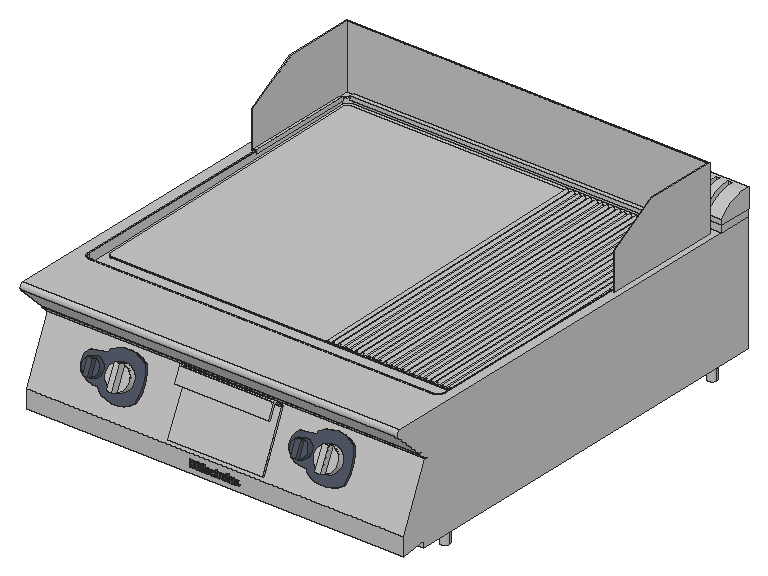
Revit family "QF_ELECTROLUXPROFESSIONAL_391055_E9FTGHCP00", category Specialty Equipment, Revit 2018
Family settings
  Round Connector Dimension = Use Diameter
  Part Type = Normal
  Work Plane-Based = No
  Always vertical = Yes
  Cut with Voids When Loaded = No
  Shared = No
  Room Calculation Point = No
Parameters
  Width = 800 mm
  Weight in Pounds = 105  # constant formula
  Watts = 0 W
  URL Cutsheet = "www.electrolux.com"
  URL = "www.electrolux.com"
  Type Mark [instance] = ""
  Status [instance] = ""
  Specification by User [instance] = ""
  Specification by Manufacturer = ""
  Show Logo [instance] = yes
  Show Clearance [instance] = yes
  Serial Number = ""
  Seismic Rating = ""
  SMACNA No = ""
  Revision Code [instance] = ""
  Omniclass Number and Title = ""
  NAFEM Spec ID Number = ""
  Model = "391055"
  Mechanical Remarks [instance] = ""
  Mechanical Connection Type [instance] = ""
  Masterspec = ""
  Manufacturer = "ELECTROLUX"
  Item Number [instance] = ""
  Installed By [instance] = ""
  Identify Quantity as Lot [instance] = yes
  HP = "0 HP"
  Gas Size = 12.7 mm  # 1/2"
  Gas RI Height [instance] = 0 mm
  Gas KW [instance] = 20  # constant formula
  Gas Input [instance] = 19981.6 VA  # 68180.0 Btu/h
  Gas Connection Height = 0 mm
  Furnished By [instance] = ""
  Foodservice Equipment Identifier [instance] = yes
  Direct Waste Size = 0"
  Description = "900XP FULL MODULE GAS FRY TOP, 2/3 SMOOTH - 1/3 RIBBED SLOPED PLATE, CHROMIUM PLATED"
  Depth = 930 mm
  CSI MasterFormat = ""
  CSI Master Format = ""
Reference planes
  plane 1 "BACK": y = 0
  plane 2: z = 0
  plane 3 "LEFT": x = 0
  plane 4 "RIGHT": x = 800
  plane 5 "FRONT": y = -930
  plane 6 "TOP": z = 275
  plane 7 "Center Y": x = 400
  plane 8 "Center X": y = -465
  plane 9: y = -1045
  plane 10: z = 24
  plane 11: z = 290
  plane 12: x = 748
  plane 13: z = 410
  plane 14: x = 11
  plane 15: x = 788.888
Forms (mm)
  Extrusion 1, solid, material "QF_Finishes_Stainless Steel"
    sketch origin (0, 0, 0) x (0, 1, 0) y (0, 0, 1)
      loop
        line (0, 275) -> (-922.686, 275)
        arc (-922.686, 275) -> (-929.443, 270.485) -> (-927.858, 262.514) r 7.314
        line (-927.858, 262.514) -> (-873.907, 208.563) -> (-865.773, 208.563) -> (-865.773, 206.447) -> (-871.79, 206.447) -> (-858.907, 193.563) -> (-850.773, 193.563) -> (-850.773, 191.447) -> (-856.79, 191.447) -> (-913.146, 69.003) -> (-913.146, 30.903) -> (-859.774, 36.513) -> (-859.774, 24) -> (0, 24) -> (0, 275)
    from 0 to 800
  Extrusion 2, solid, material "QF_Finishes_Stainless Steel"
    sketch origin (0, 0, 0) x (1, 0, 0) y (0, 1, 0)
      loop
        circle (11, -82) r 9.525
      loop
        circle (11, -790) r 9.525
      loop
        circle (789, -82) r 9.525
      loop
        circle (789, -790) r 9.525
    from 0 to 24
  Extrusion 3, solid, material "QF_Finishes_Stainless Steel"
    sketch origin (0, 0, 0.362) x (0, 1, 0) y (0, 0, 1)
      loop
        line (0, 289.638) -> (0, 331.738)
        arc (0, 331.738) -> (-38.857, 324.552) -> (-69.85, 300.038) r 82.056
        line (-69.85, 300.038) -> (-69.85, 289.638) -> (0, 289.638)
    from 0 to 400.05
  Extrusion 4, void
    sketch origin (0, 0, 275) x (0, -1, 0) y (1, 0, 0)
      loop
        line (6.761, 29.703) -> (63.911, 29.703) -> (63.911, 38.999) -> (6.761, 38.999) -> (6.761, 29.703)
      loop
        line (63.911, 64.487) -> (6.761, 64.487) -> (6.761, 55.191) -> (63.911, 55.191) -> (63.911, 64.487)
      loop
        line (63.911, 89.975) -> (6.761, 89.975) -> (6.761, 80.68) -> (63.911, 80.68) -> (63.911, 89.975)
      loop
        line (63.911, 115.464) -> (6.761, 115.464) -> (6.761, 106.168) -> (63.911, 106.168) -> (63.911, 115.464)
      loop
        line (63.911, 140.952) -> (6.761, 140.952) -> (6.761, 131.656) -> (63.911, 131.656) -> (63.911, 140.952)
      loop
        line (63.911, 166.44) -> (6.761, 166.44) -> (6.761, 157.145) -> (63.911, 157.145) -> (63.911, 166.44)
      loop
        line (63.911, 191.929) -> (6.761, 191.929) -> (6.761, 182.633) -> (63.911, 182.633) -> (63.911, 191.929)
      loop
        line (63.911, 217.417) -> (6.761, 217.417) -> (6.761, 208.121) -> (63.911, 208.121) -> (63.911, 217.417)
      loop
        line (63.911, 242.905) -> (6.761, 242.905) -> (6.761, 233.61) -> (63.911, 233.61) -> (63.911, 242.905)
      loop
        line (63.911, 268.394) -> (6.761, 268.394) -> (6.761, 259.098) -> (63.911, 259.098) -> (63.911, 268.394)
      loop
        line (63.911, 293.882) -> (6.761, 293.882) -> (6.761, 284.586) -> (63.911, 284.586) -> (63.911, 293.882)
      loop
        line (63.911, 319.37) -> (6.761, 319.37) -> (6.761, 310.075) -> (63.911, 310.075) -> (63.911, 319.37)
      loop
        line (63.911, 344.859) -> (6.761, 344.859) -> (6.761, 335.563) -> (63.911, 335.563) -> (63.911, 344.859)
      loop
        line (63.911, 370.347) -> (6.761, 370.347) -> (6.761, 361.051) -> (63.911, 361.051) -> (63.911, 370.347)
    from 25.4 to 63.5
  Extrusion 5, solid, material "QF_Finishes_Stainless Steel"
    sketch origin (400.05, 0, 0.362) x (0, 1, 0) y (0, 0, 1)
      loop
        line (0, 289.638) -> (0, 331.738)
        arc (0, 331.738) -> (-38.857, 324.552) -> (-69.85, 300.038) r 82.056
        line (-69.85, 300.038) -> (-69.85, 289.638) -> (0, 289.638)
    from 0 to 400.05
  Extrusion 6, void
    sketch origin (400.05, 0, 275) x (0, -1, 0) y (1, 0, 0)
      loop
        line (6.761, 29.703) -> (63.911, 29.703) -> (63.911, 38.999) -> (6.761, 38.999) -> (6.761, 29.703)
      loop
        line (63.911, 64.487) -> (6.761, 64.487) -> (6.761, 55.191) -> (63.911, 55.191) -> (63.911, 64.487)
      loop
        line (63.911, 89.975) -> (6.761, 89.975) -> (6.761, 80.68) -> (63.911, 80.68) -> (63.911, 89.975)
      loop
        line (63.911, 115.464) -> (6.761, 115.464) -> (6.761, 106.168) -> (63.911, 106.168) -> (63.911, 115.464)
      loop
        line (63.911, 140.952) -> (6.761, 140.952) -> (6.761, 131.656) -> (63.911, 131.656) -> (63.911, 140.952)
      loop
        line (63.911, 166.44) -> (6.761, 166.44) -> (6.761, 157.145) -> (63.911, 157.145) -> (63.911, 166.44)
      loop
        line (63.911, 191.929) -> (6.761, 191.929) -> (6.761, 182.633) -> (63.911, 182.633) -> (63.911, 191.929)
      loop
        line (63.911, 217.417) -> (6.761, 217.417) -> (6.761, 208.121) -> (63.911, 208.121) -> (63.911, 217.417)
      loop
        line (63.911, 242.905) -> (6.761, 242.905) -> (6.761, 233.61) -> (63.911, 233.61) -> (63.911, 242.905)
      loop
        line (63.911, 268.394) -> (6.761, 268.394) -> (6.761, 259.098) -> (63.911, 259.098) -> (63.911, 268.394)
      loop
        line (63.911, 293.882) -> (6.761, 293.882) -> (6.761, 284.586) -> (63.911, 284.586) -> (63.911, 293.882)
      loop
        line (63.911, 319.37) -> (6.761, 319.37) -> (6.761, 310.075) -> (63.911, 310.075) -> (63.911, 319.37)
      loop
        line (63.911, 344.859) -> (6.761, 344.859) -> (6.761, 335.563) -> (63.911, 335.563) -> (63.911, 344.859)
      loop
        line (63.911, 370.347) -> (6.761, 370.347) -> (6.761, 361.051) -> (63.911, 361.051) -> (63.911, 370.347)
    from 25.4 to 63.5
  Extrusion 7, solid, material "QF_Finishes_Stainless Steel"
    sketch origin (0, 0, 275) x (0, -1, 0) y (1, 0, 0)
      loop
        line (69.85, 0) -> (69.85, 800) -> (0, 800) -> (0, 0) -> (69.85, 0)
    from 0 to 15
  Extrusion 8, solid, material "QF_Finishes_Stainless Steel"
    sketch origin (400.05, -23.977, 1219.2) x (0, 1, 0) y (0, 0, 1)
      loop
        line (-834.228, -1030.828) -> (-850.635, -1014.422)
        arc (-850.635, -1014.422) -> (-855.102, -1013.019) -> (-858.806, -1015.884) r 5.058
        line (-858.806, -1015.884) -> (-871.468, -1043.394) -> (-868.584, -1044.721) -> (-855.922, -1017.211)
        arc (-855.922, -1017.211) -> (-854.543, -1016.145) -> (-852.88, -1016.667) r 1.883
        line (-852.88, -1016.667) -> (-838.037, -1031.51) -> (-888.871, -1141.955) -> (-885.987, -1143.282) -> (-834.228, -1030.828)
    from 100 to -100
  Extrusion 9, solid, material "QF_Door-Drawer Clearances", visible <- "Show Clearance", detail levels coarse
    sketch origin (293.7, -300.974, 0) x (0, 1, 0) y (0, 0, 1)
      loop
        line (-723.739, 174.479) -> (-711.077, 201.989)
        arc (-711.077, 201.989) -> (-709.698, 203.055) -> (-708.035, 202.533) r 1.883
        line (-708.035, 202.533) -> (-693.192, 187.69) -> (-744.026, 77.245) -> (-741.142, 75.918) -> (-608.989, 75.918) -> (-557.231, 188.372) -> (-573.638, 204.778)
        arc (-573.638, 204.778) -> (-574.873, 205.685) -> (-576.323, 206.181) r 5.058
        line (-576.323, 206.181) -> (-710.257, 206.181)
        arc (-710.257, 206.181) -> (-712.461, 205.203) -> (-713.961, 203.316) r 5.058
        line (-713.961, 203.316) -> (-726.623, 175.806) -> (-723.739, 174.479)
    from 6.35 to 206.35
  Extrusion 10, solid, material "QF_Finishes_Stainless Steel"
    sketch origin (0, 0, 0) x (0, 1, 0) y (0, 0, 1)
      loop
        line (-83.39, 410) -> (-235.39, 410) -> (-335.39, 352.265) -> (-335.39, 275) -> (-83.39, 275) -> (-83.39, 410)
    from 15.442 to 17.03
  Extrusion 11, solid, material "QF_Finishes_Stainless Steel"
    sketch origin (800, 0, 0) x (0, -1, 0) y (0, 0, 1)
      loop
        line (83.39, 410) -> (83.39, 275) -> (335.39, 275) -> (335.39, 352.265) -> (235.39, 410) -> (83.39, 410)
    from 15.442 to 17.03
  Extrusion 12, solid, material "QF_Finishes_Stainless Steel"
    sketch origin (635, 190.152, 275) x (0, -1, 0) y (1, 0, 0)
      loop
        line (273.542, 147.97) -> (273.542, -617.97) -> (275.13, -617.97) -> (275.13, 147.97) -> (273.542, 147.97)
    from 0 to 135
  Extrusion 13, void
    sketch origin (0, 0, 275) x (0, -1, 0) y (1, 0, 0)
      loop
        arc (92.539, 37.03) -> (96.932, 26.423) -> (107.539, 22.03) r 15
        line (107.539, 22.03) -> (777.539, 22.03)
        arc (777.539, 22.03) -> (788.145, 26.423) -> (792.539, 37.03) r 15
        line (792.539, 37.03) -> (792.539, 762.97)
        arc (792.539, 762.97) -> (788.145, 773.577) -> (777.539, 777.97) r 15
        line (777.539, 777.97) -> (107.539, 777.97)
        arc (107.539, 777.97) -> (96.932, 773.577) -> (92.539, 762.97) r 15
        line (92.539, 762.97) -> (92.539, 37.03)
    from 0 to -21.588
  Sweep 14, solid, material "QF_Finishes_Stainless Steel"
    path origin (0, 0, 0) x (1, 0, 0) y (0, 1, 0)
      loop
        line (22.03, -107.539) -> (22.03, -777.539)
        arc (22.03, -777.539) -> (26.423, -788.145) -> (37.03, -792.539) r 15
        line (37.03, -792.539) -> (762.97, -792.539)
        arc (762.97, -792.539) -> (773.577, -788.145) -> (777.97, -777.539) r 15
        line (777.97, -777.539) -> (777.97, -107.539)
        arc (777.97, -107.539) -> (773.577, -96.932) -> (762.97, -92.539) r 15
        line (762.97, -92.539) -> (37.03, -92.539)
        arc (37.03, -92.539) -> (26.423, -96.932) -> (22.03, -107.539) r 15
    profile origin (22.03, -442.539, 0) x (1, 0, 0) y (0, 0, 1)
      loop
        line (0, 255) -> (1.588, 255) -> (1.588, 272.855)
        arc (1.588, 272.855) -> (1.147, 274.189) -> (0, 275) r 2.242
        line (0, 275) -> (0, 255)
  Extrusion 15, solid, material "QF_Finishes_Stainless Steel"
    sketch origin (1234.536, -1877.601, 240.53) x (0, 0.999911, 0.013315) y (-1, 0, 0)
      loop
        line (1137.444, 1192.506) -> (1137.444, 476.566)
        spline (1137.444, 476.566) -> (1137.529, 475.26) -> (1137.784, 473.977) -> (1138.205, 472.739) -> (1138.783, 471.566) -> (1139.51, 470.478) -> (1140.372, 469.494) -> (1141.356, 468.632) -> (1142.443, 467.905) -> (1143.616, 467.327) -> (1144.855, 466.906) -> (1146.138, 466.651) -> (1147.443, 466.566)
        line (1147.443, 466.566) -> (1761.703, 466.566)
        spline (1761.703, 466.566) -> (1763.009, 466.651) -> (1764.291, 466.906) -> (1765.53, 467.327) -> (1766.703, 467.905) -> (1767.79, 468.632) -> (1768.774, 469.494) -> (1769.636, 470.478) -> (1770.363, 471.566) -> (1770.941, 472.739) -> (1771.362, 473.977) -> (1771.617, 475.26) -> (1771.702, 476.566)
        line (1771.702, 476.566) -> (1771.702, 1192.506)
        spline (1771.702, 1192.506) -> (1771.617, 1193.812) -> (1771.362, 1195.095) -> (1770.941, 1196.333) -> (1770.363, 1197.506) -> (1769.636, 1198.594) -> (1768.774, 1199.578) -> (1767.79, 1200.44) -> (1766.703, 1201.167) -> (1765.53, 1201.745) -> (1764.291, 1202.166) -> (1763.009, 1202.421) -> (1761.703, 1202.506)
        line (1761.703, 1202.506) -> (1147.443, 1202.506)
        spline (1147.443, 1202.506) -> (1146.138, 1202.421) -> (1144.855, 1202.166) -> (1143.616, 1201.745) -> (1142.443, 1201.167) -> (1141.356, 1200.44) -> (1140.372, 1199.578) -> (1139.51, 1198.594) -> (1138.783, 1197.506) -> (1138.205, 1196.333) -> (1137.784, 1195.095) -> (1137.529, 1193.812) -> (1137.444, 1192.506)
    from 1.6 to 0
  Extrusion 16, solid, material "QF_Finishes_Stainless Steel"
    sketch origin (0, 0, 0) x (1, 0, 0) y (0, 0, 1)
      loop
        line (17.03, 275.856) -> (23.926, 275.856) -> (23.926, 270.856) -> (25.514, 270.856) -> (25.514, 277.444) -> (17.03, 277.444) -> (17.03, 275.856)
      loop
        line (782.97, 275.856) -> (782.97, 277.444) -> (774.486, 277.444) -> (774.486, 270.856) -> (776.074, 270.856) -> (776.074, 275.856) -> (782.97, 275.856)
    from 105.541 to 335.39
  Extrusion 17, solid, material "QF_Finishes_Stainless Steel"
    sketch origin (0, 0, 0) x (0, 1, 0) y (0, 0, 1)
      loop
        line (-94.126, 270.856) -> (-94.126, 275.856) -> (-84.978, 275.856) -> (-84.978, 277.444) -> (-95.714, 277.444) -> (-95.714, 270.856) -> (-94.126, 270.856)
    from 32.03 to 767.97
  Extrusion 18, solid, material "QF_Finishes_Stainless Steel"
    sketch origin (0, -101.6, 24) x (-1, 0, 0) y (0, 1, 0)
      loop
        circle (-748, -562.4) r 6.35
    from 0 to 17
  Extrusion 19, solid, material "QF_Finishes_Navy Blue", visible <- "Show Logo"
    sketch origin (0, -913.146, 30.903) x (0, 0, 1) y (-1, 0, 0)
      loop
        line (25.436, -355.199) -> (13.07, -355.199)
        arc (13.07, -355.199) -> (19.253, -359.77) -> (25.436, -355.199) r 6.467
      loop
        arc (25.436, -354.57) -> (24.267, -349.427) -> (19.612, -346.949) r 6.338
        line (19.612, -346.949) -> (19.612, -348.995)
        arc (19.612, -348.995) -> (21.095, -352.65) -> (24.541, -354.57) r 5.941
        line (24.541, -354.57) -> (25.436, -354.57)
      loop
        arc (13.965, -354.57) -> (17.411, -352.65) -> (18.895, -348.995) r 5.941
        line (18.895, -348.995) -> (18.895, -346.949)
        arc (18.895, -346.949) -> (14.2, -349.423) -> (12.911, -354.57) r 6.504
        line (12.911, -354.57) -> (13.965, -354.57)
      loop
        line (26.111, -346.48) -> (12.367, -346.48) -> (12.367, -360.243) -> (26.111, -360.243) -> (26.111, -346.48)
      loop
        arc (26.195, -363.21) -> (25.847, -362.853) -> (25.48, -363.191) r 0.358
        arc (25.48, -363.191) -> (25.166, -363.941) -> (24.449, -364.326) r 1.216
        line (24.449, -364.326) -> (14.037, -364.326)
        arc (14.037, -364.326) -> (13.377, -364.048) -> (12.981, -363.452) r 1.238
        arc (12.981, -363.452) -> (12.586, -363.201) -> (12.28, -363.555) r 0.358
        line (12.28, -363.555) -> (12.28, -373.434) -> (15.031, -373.434) -> (15.031, -372.537)
        arc (15.031, -372.537) -> (14.122, -371.957) -> (13.667, -370.98) r 1.928
        line (13.667, -370.98) -> (13.667, -368.481)
        arc (13.667, -368.481) -> (13.942, -367.752) -> (14.631, -367.388) r 1.101
        line (14.631, -367.388) -> (18.717, -367.388) -> (18.717, -371.061)
        arc (18.717, -371.061) -> (18.365, -371.558) -> (17.799, -371.786) r 1.083
        arc (17.799, -371.786) -> (17.536, -372.092) -> (17.828, -372.37) r 0.292
        line (17.828, -372.37) -> (20.79, -372.37)
        arc (20.79, -372.37) -> (21.093, -372.097) -> (20.854, -371.767) r 0.305
        arc (20.854, -371.767) -> (20.364, -371.519) -> (20.059, -371.061) r 1.083
        line (20.059, -371.061) -> (20.059, -367.388) -> (24.736, -367.388) -> (24.736, -371.135)
        arc (24.736, -371.135) -> (24.522, -371.891) -> (23.915, -372.389) r 1.314
        arc (23.915, -372.389) -> (23.696, -372.793) -> (24.051, -373.085) r 0.361
        line (24.051, -373.085) -> (26.195, -373.085) -> (26.195, -363.21)
      loop
        arc (25.478, -373.866) -> (25.097, -374.785) -> (24.179, -375.165) r 1.299
        line (24.179, -375.165) -> (14.6, -375.165)
        arc (14.6, -375.165) -> (13.762, -374.787) -> (13.49, -373.909) r 1.118
        line (13.49, -373.909) -> (12.28, -373.909) -> (12.28, -379.259) -> (13.469, -379.259)
        arc (13.469, -379.259) -> (13.74, -378.342) -> (14.61, -377.946) r 1.153
        line (14.61, -377.946) -> (26.683, -377.946) -> (25.478, -373.866)
      loop
        line (17.245, -381.895) -> (17.245, -388.342) -> (18.044, -388.342)
        arc (18.044, -388.342) -> (20.625, -387.358) -> (21.893, -384.904) r 3.874
        line (21.893, -384.904) -> (21.893, -383.144)
        arc (21.893, -383.144) -> (20.707, -380.279) -> (17.842, -379.093) r 4.051
        line (17.842, -379.093) -> (15.834, -379.093)
        arc (15.834, -379.093) -> (13.016, -380.578) -> (11.964, -383.585) r 4.352
        arc (11.964, -383.585) -> (12.328, -386.048) -> (13.706, -388.122) r 5.713
        line (13.706, -388.122) -> (14.655, -388.122)
        arc (14.655, -388.122) -> (13.922, -386.553) -> (13.706, -384.835) r 5.579
        arc (13.706, -384.835) -> (14.5, -382.872) -> (16.379, -381.895) r 3.057
        line (16.379, -381.895) -> (17.245, -381.895)
      loop
        line (18.504, -381.895) -> (18.504, -385.477)
        arc (18.504, -385.477) -> (19.961, -385.524) -> (20.844, -384.365) r 1.59
        line (20.844, -384.365) -> (20.844, -383.535)
        arc (20.844, -383.535) -> (19.98, -382.28) -> (18.504, -381.895) r 2.184
      loop
        arc (21.295, -397.76) -> (21.784, -396.086) -> (21.942, -394.349) r 9.023
        line (21.942, -394.349) -> (21.942, -392.987)
        arc (21.942, -392.987) -> (20.782, -390.187) -> (17.983, -389.027) r 3.959
        line (17.983, -389.027) -> (15.382, -389.027)
        arc (15.382, -389.027) -> (13.101, -390.32) -> (11.983, -392.693) r 4.331
        line (11.983, -392.693) -> (11.983, -394.828)
        arc (11.983, -394.828) -> (12.492, -396.378) -> (13.413, -397.724) r 5.772
        arc (13.413, -397.724) -> (14.175, -397.775) -> (14.261, -397.016) r 0.553
        arc (14.261, -397.016) -> (13.874, -396.282) -> (13.74, -395.463) r 2.573
        line (13.74, -395.463) -> (13.74, -393.948)
        arc (13.74, -393.948) -> (14.746, -392.306) -> (16.56, -391.664) r 2.884
        line (16.56, -391.664) -> (17.839, -391.664)
        arc (17.839, -391.664) -> (19.66, -392.224) -> (20.587, -393.889) r 2.554
        line (20.587, -393.889) -> (20.587, -394.942)
        arc (20.587, -394.942) -> (20.255, -395.87) -> (19.598, -396.605) r 2.564
        arc (19.598, -396.605) -> (19.377, -397.322) -> (19.986, -397.76) r 0.643
        line (19.986, -397.76) -> (21.295, -397.76)
      loop
        line (20.277, -398.03) -> (20.277, -399.531) -> (14.229, -399.531)
        arc (14.229, -399.531) -> (12.641, -400.189) -> (11.983, -401.777) r 2.246
        line (11.983, -401.777) -> (11.983, -403.361)
        arc (11.983, -403.361) -> (12.297, -404.225) -> (12.798, -404.997) r 4.06
        arc (12.798, -404.997) -> (13.53, -405.13) -> (13.782, -404.429) r 0.576
        arc (13.782, -404.429) -> (13.676, -403.903) -> (13.74, -403.371) r 1.69
        arc (13.74, -403.371) -> (14.281, -402.583) -> (15.188, -402.28) r 1.506
        line (15.188, -402.28) -> (20.326, -402.28) -> (20.326, -404.677) -> (20.882, -405.233) -> (21.704, -405.233) -> (21.704, -402.374) -> (24.935, -402.374) -> (20.277, -398.03)
      loop
        line (12.201, -406.131) -> (12.201, -411.518) -> (13.311, -411.518)
        arc (13.311, -411.518) -> (13.705, -410.567) -> (14.656, -410.173) r 1.345
        line (14.656, -410.173) -> (18.272, -410.173)
        arc (18.272, -410.173) -> (19.037, -410.765) -> (19.326, -411.687) r 1.615
        line (19.326, -411.687) -> (19.326, -413.243) -> (21.882, -413.928) -> (21.882, -412.545) -> (19.939, -409.986) -> (21.82, -409.986) -> (21.535, -407.28)
        arc (21.535, -407.28) -> (21.096, -406.75) -> (20.437, -406.951) r 0.621
        arc (20.437, -406.951) -> (20.036, -407.293) -> (19.542, -407.476) r 1.501
        line (19.542, -407.476) -> (14.656, -407.476)
        arc (14.656, -407.476) -> (13.705, -407.082) -> (13.311, -406.131) r 1.345
        line (13.311, -406.131) -> (12.201, -406.131)
      loop
        line (18.303, -413.465) -> (15.61, -413.465)
        arc (15.61, -413.465) -> (13.165, -414.773) -> (12.031, -417.303) r 4.288
        arc (12.031, -417.303) -> (11.968, -418.684) -> (12.031, -420.064) r 15.022
        arc (12.031, -420.064) -> (13.165, -422.595) -> (15.61, -423.902) r 4.288
        line (15.61, -423.902) -> (18.303, -423.902)
        arc (18.303, -423.902) -> (20.748, -422.595) -> (21.882, -420.064) r 4.288
        arc (21.882, -420.064) -> (21.946, -418.684) -> (21.882, -417.303) r 15.022
        arc (21.882, -417.303) -> (20.748, -414.773) -> (18.303, -413.465) r 4.288
      loop
        line (18.507, -416.579) -> (15.406, -416.579)
        arc (15.406, -416.579) -> (13.249, -418.736) -> (15.406, -420.893) r 2.157
        line (15.406, -420.893) -> (18.507, -420.893)
        arc (18.507, -420.893) -> (20.664, -418.736) -> (18.507, -416.579) r 2.157
      loop
        arc (25.488, -423.76) -> (25.118, -424.654) -> (24.224, -425.025) r 1.264
        line (24.224, -425.025) -> (14.359, -425.025)
        arc (14.359, -425.025) -> (13.489, -424.628) -> (13.218, -423.712) r 1.153
        line (13.218, -423.712) -> (12.28, -423.712) -> (12.28, -428.82) -> (13.209, -428.82)
        arc (13.209, -428.82) -> (13.568, -428.048) -> (14.359, -427.733) r 1.153
        line (14.359, -427.733) -> (26.683, -427.733) -> (25.488, -423.76)
      loop
        arc (20.608, -428.357) -> (20.409, -429.422) -> (19.44, -429.904) r 1.215
        line (19.44, -429.904) -> (14.42, -429.904)
        arc (14.42, -429.904) -> (12.806, -430.551) -> (12.085, -432.134) r 2.338
        line (12.085, -432.134) -> (12.085, -433.649)
        arc (12.085, -433.649) -> (12.259, -434.653) -> (12.762, -435.539) r 2.979
        line (12.762, -435.539) -> (12.28, -437.336) -> (12.28, -439.024) -> (21.706, -439.024) -> (21.412, -434.821) -> (20.625, -434.821)
        arc (20.625, -434.821) -> (20.27, -435.657) -> (19.517, -436.166) r 1.605
        line (19.517, -436.166) -> (14.415, -436.166)
        arc (14.415, -436.166) -> (13.994, -435.229) -> (13.922, -434.205) r 2.94
        arc (13.922, -434.205) -> (14.482, -433.104) -> (15.636, -432.661) r 1.724
        line (15.636, -432.661) -> (21.832, -432.661) -> (20.608, -428.357)
      loop
        line (21.637, -439.878) -> (19.964, -441.924) -> (16.791, -444.23) -> (13.334, -441.118)
        arc (13.334, -441.118) -> (13.097, -440.724) -> (13.119, -440.265) r 0.789
        line (13.119, -440.265) -> (12.28, -440.265) -> (12.28, -443.81) -> (13.107, -443.81)
        arc (13.107, -443.81) -> (13.449, -443.448) -> (13.939, -443.54) r 0.52
        line (13.939, -443.54) -> (15.739, -445.011) -> (13.62, -446.386)
        arc (13.62, -446.386) -> (13.219, -446.076) -> (13.133, -445.577) r 0.7
        line (13.133, -445.577) -> (12.28, -445.577) -> (12.28, -451.504) -> (13.167, -451.504)
        arc (13.167, -451.504) -> (13.234, -450.845) -> (13.629, -450.314) r 1.247
        line (13.629, -450.314) -> (17.828, -447.033) -> (20.276, -449.086) -> (21.637, -450.828) -> (21.637, -447.104) -> (20.152, -447.527) -> (18.63, -446.25) -> (20.33, -445.06) -> (21.637, -445.836) -> (21.637, -439.878)
    from 0 to 1.644
  Extrusion 20, solid, material "QF_Finishes_Navy Blue"
    sketch origin (81.285, -908.962, 78.095) x (0, 0.418102, 0.9084) y (-1, 0, 0)
      loop
        arc (104.355, -502.587) -> (101.326, -501.258) -> (98.25, -500.039) r 91.066
        arc (98.25, -500.039) -> (96.592, -482.449) -> (93.213, -465.107) r 179.528
        arc (93.213, -465.107) -> (69.244, -452.795) -> (45.274, -465.107) r 29.489
        arc (45.274, -465.107) -> (38.909, -481.441) -> (37.449, -498.912) r 61.044
        arc (37.449, -498.912) -> (34.471, -499.962) -> (31.532, -501.116) r 91.066
        arc (31.532, -501.116) -> (19.517, -540.223) -> (32.929, -578.873) r 65.817
        arc (32.929, -578.873) -> (68.105, -585.173) -> (102.996, -577.452) r 91.066
        arc (102.996, -577.452) -> (115.418, -540.233) -> (104.355, -502.587) r 65.546
    from 0 to 3.175
  Extrusion 21, solid, material "QF_Finishes_Stainless Steel"
    sketch origin (460.035, -912.675, 77.62) x (0, 0.418102, 0.9084) y (-1, 0, 0)
      loop
        circle (68.826, -160.963) r 25.4
    from 0 to 12.7
  Extrusion 22, solid, material "QF_Finishes_Stainless Steel"
    sketch origin (460.035, -924.212, 82.93) x (0, 0.418102, 0.9084) y (-1, 0, 0)
      loop
        arc (93.558, -166.749) -> (94.226, -160.963) -> (93.558, -155.177) r 25.4
        line (93.558, -155.177) -> (44.094, -155.177)
        arc (44.094, -155.177) -> (43.426, -160.963) -> (44.094, -166.749) r 25.4
        line (44.094, -166.749) -> (93.558, -166.749)
    from 0 to 12.7
  Extrusion 23, solid, material "QF_Finishes_Navy Blue"
    sketch origin (402.535, -912.675, 77.62) x (0, 0.418102, 0.9084) y (-1, 0, 0)
      loop
        circle (68.826, -160.963) r 18.37
    from 0 to 12.7
  Extrusion 24, solid, material "QF_Finishes_Navy Blue"
    sketch origin (401.244, -924.212, 82.93) x (0, 0.418102, 0.9084) y (-1, 0, 0)
      loop
        arc (84.808, -167.687) -> (85.476, -161.901) -> (84.808, -156.114) r 25.4
        line (84.808, -156.114) -> (52.844, -156.114)
        arc (52.844, -156.114) -> (52.176, -161.901) -> (52.844, -167.687) r 25.4
        line (52.844, -167.687) -> (84.808, -167.687)
    from 0 to 8.112
  Extrusion 25, solid, material "QF_Finishes_Navy Blue"
    sketch origin (-360.711, -908.962, 78.095) x (0, 0.418102, 0.9084) y (-1, 0, 0)
      loop
        arc (104.355, -502.587) -> (101.326, -501.258) -> (98.25, -500.039) r 91.066
        arc (98.25, -500.039) -> (96.592, -482.449) -> (93.213, -465.107) r 179.528
        arc (93.213, -465.107) -> (69.244, -452.795) -> (45.274, -465.107) r 29.489
        arc (45.274, -465.107) -> (38.909, -481.441) -> (37.449, -498.912) r 61.044
        arc (37.449, -498.912) -> (34.471, -499.962) -> (31.532, -501.116) r 91.066
        arc (31.532, -501.116) -> (19.517, -540.223) -> (32.929, -578.873) r 65.817
        arc (32.929, -578.873) -> (68.105, -585.173) -> (102.996, -577.452) r 91.066
        arc (102.996, -577.452) -> (115.418, -540.233) -> (104.355, -502.587) r 65.546
    from 0 to 3.175
  Extrusion 26, solid, material "QF_Finishes_Stainless Steel"
    sketch origin (18.039, -912.675, 77.62) x (0, 0.418102, 0.9084) y (-1, 0, 0)
      loop
        circle (68.826, -160.963) r 25.4
    from 0 to 12.7
  Extrusion 27, solid, material "QF_Finishes_Stainless Steel"
    sketch origin (18.039, -924.212, 82.93) x (0, 0.418102, 0.9084) y (-1, 0, 0)
      loop
        arc (93.558, -166.749) -> (94.226, -160.963) -> (93.558, -155.177) r 25.4
        line (93.558, -155.177) -> (44.094, -155.177)
        arc (44.094, -155.177) -> (43.426, -160.963) -> (44.094, -166.749) r 25.4
        line (44.094, -166.749) -> (93.558, -166.749)
    from 0 to 12.7
  Extrusion 28, solid, material "QF_Finishes_Navy Blue"
    sketch origin (-39.461, -912.675, 77.62) x (0, 0.418102, 0.9084) y (-1, 0, 0)
      loop
        circle (68.826, -160.963) r 18.37
    from 0 to 12.7
  Extrusion 29, solid, material "QF_Finishes_Navy Blue"
    sketch origin (-40.752, -924.212, 82.93) x (0, 0.418102, 0.9084) y (-1, 0, 0)
      loop
        arc (84.808, -167.687) -> (85.476, -161.901) -> (84.808, -156.114) r 25.4
        line (84.808, -156.114) -> (52.844, -156.114)
        arc (52.844, -156.114) -> (52.176, -161.901) -> (52.844, -167.687) r 25.4
        line (52.844, -167.687) -> (84.808, -167.687)
    from 0 to 8.112
  Extrusion 30, solid, material "QF_Clearances", visible <- "Show Clearance", detail levels coarse
    sketch origin (0, 0, 0) x (1, 0, 0) y (0, 1, 0)
      loop
        line (0, 0) -> (800, 0) -> (800, -930) -> (900, -930) -> (900, 100) -> (-100, 100) -> (-100, -930) -> (0, -930) -> (0, 0)
    from 0 to 410
  Extrusion 31, solid, material "QF_Finishes_Stainless Steel"
    sketch origin (0, 0, 0) x (0, 1, 0) y (0, 0, 1)
      loop
        line (-792.539, 254.979) -> (-792.539, 253.413) -> (-92.539, 253.413) -> (-92.539, 264.3) -> (-792.539, 254.979)
    from 22.03 to 777.97
  Sweep 32, solid, material "QF_Finishes_Stainless Steel"
    path origin (0, 0, 0) x (0, 1, 0) y (0, 0, 1)
      loop
        line (-106.077, 265.72) -> (-738.692, 257.296)
    profile origin (0, -422.385, 261.508) x (0, 0.013315, -0.999911) y (1, 0, 0)
      loop
        line (0, 759.22) -> (-3.736, 755.344) -> (0, 751.467) -> (0, 759.22)
      loop
        line (0, 747.086) -> (-3.736, 743.209) -> (0, 739.332) -> (0, 747.086)
      loop
        line (0, 734.951) -> (-3.736, 731.075) -> (0, 727.198) -> (0, 734.951)
      loop
        line (0, 722.817) -> (-3.736, 718.94) -> (0, 715.063) -> (0, 722.817)
      loop
        line (0, 710.682) -> (-3.736, 706.806) -> (0, 702.929) -> (0, 710.682)
      loop
        line (0, 698.548) -> (-3.736, 694.671) -> (0, 690.794) -> (0, 698.548)
      loop
        line (0, 686.413) -> (-3.736, 682.537) -> (0, 678.66) -> (0, 686.413)
      loop
        line (0, 674.279) -> (-3.736, 670.402) -> (0, 666.525) -> (0, 674.279)
      loop
        line (0, 662.144) -> (-3.736, 658.268) -> (0, 654.391) -> (0, 662.144)
      loop
        line (0, 650.01) -> (-3.736, 646.133) -> (0, 642.256) -> (0, 650.01)
      loop
        line (0, 637.875) -> (-3.736, 633.999) -> (0, 630.122) -> (0, 637.875)
      loop
        line (0, 625.741) -> (-3.736, 621.864) -> (0, 617.987) -> (0, 625.741)
      loop
        line (0, 613.606) -> (-3.736, 609.73) -> (0, 605.853) -> (0, 613.606)
      loop
        line (0, 601.472) -> (-3.736, 597.595) -> (0, 593.718) -> (0, 601.472)
      loop
        line (0, 589.337) -> (-3.736, 585.46) -> (0, 581.584) -> (0, 589.337)
      loop
        line (0, 577.203) -> (-3.736, 573.326) -> (0, 569.449) -> (0, 577.203)
      loop
        line (0, 565.068) -> (-3.736, 561.191) -> (0, 557.315) -> (0, 565.068)
      loop
        line (0, 552.934) -> (-3.736, 549.057) -> (0, 545.18) -> (0, 552.934)
      loop
        line (0, 540.799) -> (-3.736, 536.922) -> (0, 533.046) -> (0, 540.799)
      loop
        line (0, 528.665) -> (-3.736, 524.788) -> (0, 520.911) -> (0, 528.665)
      loop
        line (0, 516.53) -> (-3.736, 512.653) -> (0, 508.777) -> (0, 516.53)
      loop
        line (0, 504.396) -> (-3.736, 500.519) -> (0, 496.642) -> (0, 504.396)
  Extrusion 33, void
    sketch origin (0, 0, 0) x (1, 0, 0) y (0, 1, 0)
      loop
        arc (388.196, -763.736) -> (380.696, -771.236) -> (388.196, -778.736) r 7.5
        line (388.196, -778.736) -> (411.804, -778.736)
        arc (411.804, -778.736) -> (419.304, -771.236) -> (411.804, -763.736) r 7.5
        line (411.804, -763.736) -> (388.196, -763.736)
    from 235.859 to 255.827
Cuts and joins
  Extrusion 6 cuts Extrusion 5
  Extrusion 4 cuts Extrusion 3
  joined: Extrusion 10, Extrusion 11, Extrusion 12
  Extrusion 13, Extrusion 33 cuts Extrusion 1
  Extrusion 33 cuts Extrusion 31
Lines and regions (mm)
  symbolic lines, style "QF_Clearances", visible <- "Show Clearance", detail levels coarse
    curve 1: line (900, -930, 0) -> (900, 100, 0)
    curve 2: line (900, 100, 0) -> (-100, 100, 0)
    curve 3: line (-100, 100, 0) -> (-100, -930, 0)
  symbolic lines, style "QF_Door-Drawer Clearances"
    curve 4: line (300.05, -930, 0) -> (300.05, -1045, 0)
    curve 5: line (300.05, -1045, 0) -> (500.05, -1045, 0)
    curve 6: line (500.05, -930, 0) -> (500.05, -1045, 0)
  symbolic lines
    curve 7: line (0, -930, 0) -> (800, -930, 0)
    curve 8: line (800, -930, 0) -> (800, 0, 0)
    curve 9: line (800, 0, 0) -> (0, 0, 0)
    curve 10: line (0, 0, 0) -> (0, -930, 0)
    curve 11: line (762.97, -792.539, 0) -> (37.03, -792.539, 0)
    curve 12: arc (37.03, -792.539, 0) -> (26.423, -788.145, 0) -> (22.03, -777.539, 0) r 15
    curve 13: line (22.03, -777.539, 0) -> (22.03, -335.39, 0)
    curve 14: arc (22.163, -105.541, 0) -> (25.387, -98.081, 0) -> (32.03, -93.397, 0) r 15
    curve 15: arc (767.97, -93.397, 0) -> (774.613, -98.081, 0) -> (777.837, -105.541, 0) r 15
    curve 16: line (777.97, -335.39, 0) -> (777.97, -777.539, 0)
    curve 17: arc (777.97, -777.539, 0) -> (773.577, -788.145, 0) -> (762.97, -792.539, 0) r 15
    curve 18: line (757.97, -738.692, 0) -> (42.03, -738.692, 0)
    curve 19: arc (42.03, -738.692, 0) -> (34.958, -735.763, 0) -> (32.03, -728.692, 0) r 10
    curve 20: line (32.03, -728.692, 0) -> (32.03, -116.077, 0)
    curve 21: arc (32.03, -116.077, 0) -> (34.958, -109.006, 0) -> (42.03, -106.077, 0) r 10
    curve 22: line (42.03, -106.077, 0) -> (757.97, -106.077, 0)
    curve 23: arc (757.97, -106.077, 0) -> (765.042, -109.006, 0) -> (767.97, -116.077, 0) r 10
    curve 24: line (767.97, -116.077, 0) -> (767.97, -728.692, 0)
    curve 25: arc (767.97, -728.692, 0) -> (765.042, -735.763, 0) -> (757.97, -738.692, 0) r 10
    curve 26: line (15.442, -83.39, 0) -> (15.442, -335.39, 0)
    curve 27: line (784.558, -83.39, 0) -> (15.442, -83.39, 0)
    curve 28: line (784.558, -335.39, 0) -> (784.558, -83.39, 0)
    curve 29: line (767.97, -95.714, 0) -> (767.97, -83.39, 0)
    curve 30: line (32.03, -95.714, 0) -> (767.97, -95.714, 0)
    curve 31: line (32.03, -83.39, 0) -> (32.03, -95.714, 0)
    curve 32: line (784.558, -105.541, 0) -> (774.486, -105.541, 0)
    curve 33: line (25.514, -335.39, 0) -> (25.514, -105.541, 0)
    curve 34: line (15.442, -335.39, 0) -> (25.514, -335.39, 0)
    curve 35: line (774.486, -105.541, 0) -> (774.486, -335.39, 0)
    curve 36: line (774.486, -335.39, 0) -> (784.558, -335.39, 0)
    curve 37: line (25.514, -105.541, 0) -> (15.442, -105.541, 0)
    curve 38: line (38.999, -6.761, 0) -> (38.999, -63.911, 0)
    curve 39: line (38.999, -63.911, 0) -> (29.703, -63.911, 0)
    curve 40: line (29.703, -63.911, 0) -> (29.703, -6.761, 0)
    curve 41: line (29.703, -6.761, 0) -> (38.999, -6.761, 0)
    curve 42: line (55.191, -63.911, 0) -> (55.191, -6.761, 0)
    curve 43: line (55.191, -6.761, 0) -> (64.487, -6.761, 0)
    curve 44: line (64.487, -6.761, 0) -> (64.487, -63.911, 0)
    curve 45: line (64.487, -63.911, 0) -> (55.191, -63.911, 0)
    curve 46: line (89.975, -6.761, 0) -> (89.975, -63.911, 0)
    curve 47: line (89.975, -63.911, 0) -> (80.68, -63.911, 0)
    curve 48: line (80.68, -63.911, 0) -> (80.68, -6.761, 0)
    curve 49: line (80.68, -6.761, 0) -> (89.975, -6.761, 0)
    curve 50: line (115.464, -6.761, 0) -> (115.464, -63.911, 0)
    curve 51: line (115.464, -63.911, 0) -> (106.168, -63.911, 0)
    curve 52: line (106.168, -63.911, 0) -> (106.168, -6.761, 0)
    curve 53: line (106.168, -6.761, 0) -> (115.464, -6.761, 0)
    curve 54: line (140.952, -6.761, 0) -> (140.952, -63.911, 0)
    curve 55: line (140.952, -63.911, 0) -> (131.656, -63.911, 0)
    curve 56: line (131.656, -63.911, 0) -> (131.656, -6.761, 0)
    curve 57: line (131.656, -6.761, 0) -> (140.952, -6.761, 0)
    curve 58: line (166.44, -6.761, 0) -> (166.44, -63.911, 0)
    curve 59: line (166.44, -63.911, 0) -> (157.145, -63.911, 0)
    curve 60: line (157.145, -63.911, 0) -> (157.145, -6.761, 0)
    curve 61: line (157.145, -6.761, 0) -> (166.44, -6.761, 0)
    curve 62: line (191.929, -6.761, 0) -> (191.929, -63.911, 0)
    curve 63: line (191.929, -63.911, 0) -> (182.633, -63.911, 0)
    curve 64: line (182.633, -63.911, 0) -> (182.633, -6.761, 0)
    curve 65: line (182.633, -6.761, 0) -> (191.929, -6.761, 0)
    curve 66: line (233.61, -63.911, 0) -> (233.61, -6.761, 0)
    curve 67: line (233.61, -6.761, 0) -> (242.905, -6.761, 0)
    curve 68: line (242.905, -6.761, 0) -> (242.905, -63.911, 0)
    curve 69: line (242.905, -63.911, 0) -> (233.61, -63.911, 0)
    curve 70: line (268.394, -6.761, 0) -> (268.394, -63.911, 0)
    curve 71: line (268.394, -63.911, 0) -> (259.098, -63.911, 0)
    curve 72: line (259.098, -63.911, 0) -> (259.098, -6.761, 0)
    curve 73: line (259.098, -6.761, 0) -> (268.394, -6.761, 0)
    curve 74: line (293.882, -6.761, 0) -> (293.882, -63.911, 0)
    curve 75: line (293.882, -63.911, 0) -> (284.586, -63.911, 0)
    curve 76: line (284.586, -63.911, 0) -> (284.586, -6.761, 0)
    curve 77: line (284.586, -6.761, 0) -> (293.882, -6.761, 0)
    curve 78: line (319.37, -6.761, 0) -> (319.37, -63.911, 0)
    curve 79: line (319.37, -63.911, 0) -> (310.075, -63.911, 0)
    curve 80: line (310.075, -63.911, 0) -> (310.075, -6.761, 0)
    curve 81: line (310.075, -6.761, 0) -> (319.37, -6.761, 0)
    curve 82: line (344.859, -6.761, 0) -> (344.859, -63.911, 0)
    curve 83: line (344.859, -63.911, 0) -> (335.563, -63.911, 0)
    curve 84: line (335.563, -63.911, 0) -> (335.563, -6.761, 0)
    curve 85: line (335.563, -6.761, 0) -> (344.859, -6.761, 0)
    curve 86: line (370.347, -6.761, 0) -> (370.347, -63.911, 0)
    curve 87: line (370.347, -63.911, 0) -> (361.051, -63.911, 0)
    curve 88: line (361.051, -63.911, 0) -> (361.051, -6.761, 0)
    curve 89: line (361.051, -6.761, 0) -> (370.347, -6.761, 0)
    curve 90: line (208.121, -63.911, 0) -> (208.121, -6.761, 0)
    curve 91: line (208.121, -6.761, 0) -> (217.417, -6.761, 0)
    curve 92: line (217.417, -6.761, 0) -> (217.417, -63.911, 0)
    curve 93: line (217.417, -63.911, 0) -> (208.121, -63.911, 0)
    curve 94: line (233.61, -63.911, 0) -> (233.61, -6.761, 0)
    curve 95: line (761.001, -6.761, 0) -> (761.001, -63.911, 0)
    curve 96: line (761.001, -63.911, 0) -> (770.297, -63.911, 0)
    curve 97: line (770.297, -63.911, 0) -> (770.297, -6.761, 0)
    curve 98: line (770.297, -6.761, 0) -> (761.001, -6.761, 0)
    curve 99: line (744.809, -63.911, 0) -> (744.809, -6.761, 0)
    curve 100: line (744.809, -6.761, 0) -> (735.513, -6.761, 0)
    curve 101: line (735.513, -6.761, 0) -> (735.513, -63.911, 0)
    curve 102: line (735.513, -63.911, 0) -> (744.809, -63.911, 0)
    curve 103: line (710.025, -6.761, 0) -> (710.025, -63.911, 0)
    curve 104: line (710.025, -63.911, 0) -> (719.32, -63.911, 0)
    curve 105: line (719.32, -63.911, 0) -> (719.32, -6.761, 0)
    curve 106: line (719.32, -6.761, 0) -> (710.025, -6.761, 0)
    curve 107: line (684.536, -6.761, 0) -> (684.536, -63.911, 0)
    curve 108: line (684.536, -63.911, 0) -> (693.832, -63.911, 0)
    curve 109: line (693.832, -63.911, 0) -> (693.832, -6.761, 0)
    curve 110: line (693.832, -6.761, 0) -> (684.536, -6.761, 0)
    curve 111: line (659.048, -6.761, 0) -> (659.048, -63.911, 0)
    curve 112: line (659.048, -63.911, 0) -> (668.344, -63.911, 0)
    curve 113: line (668.344, -63.911, 0) -> (668.344, -6.761, 0)
    curve 114: line (668.344, -6.761, 0) -> (659.048, -6.761, 0)
    curve 115: line (633.56, -6.761, 0) -> (633.56, -63.911, 0)
    curve 116: line (633.56, -63.911, 0) -> (642.855, -63.911, 0)
    curve 117: line (642.855, -63.911, 0) -> (642.855, -6.761, 0)
    curve 118: line (642.855, -6.761, 0) -> (633.56, -6.761, 0)
    curve 119: line (608.071, -6.761, 0) -> (608.071, -63.911, 0)
    curve 120: line (608.071, -63.911, 0) -> (617.367, -63.911, 0)
    curve 121: line (617.367, -63.911, 0) -> (617.367, -6.761, 0)
    curve 122: line (617.367, -6.761, 0) -> (608.071, -6.761, 0)
    curve 123: line (566.39, -63.911, 0) -> (566.39, -6.761, 0)
    curve 124: line (566.39, -6.761, 0) -> (557.095, -6.761, 0)
    curve 125: line (557.095, -6.761, 0) -> (557.095, -63.911, 0)
    curve 126: line (557.095, -63.911, 0) -> (566.39, -63.911, 0)
    curve 127: line (531.606, -6.761, 0) -> (531.606, -63.911, 0)
    curve 128: line (531.606, -63.911, 0) -> (540.902, -63.911, 0)
    curve 129: line (540.902, -63.911, 0) -> (540.902, -6.761, 0)
    curve 130: line (540.902, -6.761, 0) -> (531.606, -6.761, 0)
    curve 131: line (506.118, -6.761, 0) -> (506.118, -63.911, 0)
    curve 132: line (506.118, -63.911, 0) -> (515.414, -63.911, 0)
    curve 133: line (515.414, -63.911, 0) -> (515.414, -6.761, 0)
    curve 134: line (515.414, -6.761, 0) -> (506.118, -6.761, 0)
    curve 135: line (480.63, -6.761, 0) -> (480.63, -63.911, 0)
    curve 136: line (480.63, -63.911, 0) -> (489.925, -63.911, 0)
    curve 137: line (489.925, -63.911, 0) -> (489.925, -6.761, 0)
    curve 138: line (489.925, -6.761, 0) -> (480.63, -6.761, 0)
    curve 139: line (455.141, -6.761, 0) -> (455.141, -63.911, 0)
    curve 140: line (455.141, -63.911, 0) -> (464.437, -63.911, 0)
    curve 141: line (464.437, -63.911, 0) -> (464.437, -6.761, 0)
    curve 142: line (464.437, -6.761, 0) -> (455.141, -6.761, 0)
    curve 143: line (429.653, -6.761, 0) -> (429.653, -63.911, 0)
    curve 144: line (429.653, -63.911, 0) -> (438.949, -63.911, 0)
    curve 145: line (438.949, -63.911, 0) -> (438.949, -6.761, 0)
    curve 146: line (438.949, -6.761, 0) -> (429.653, -6.761, 0)
    curve 147: line (591.879, -63.911, 0) -> (591.879, -6.761, 0)
    curve 148: line (591.879, -6.761, 0) -> (582.583, -6.761, 0)
    curve 149: line (582.583, -6.761, 0) -> (582.583, -63.911, 0)
    curve 150: line (582.583, -63.911, 0) -> (591.879, -63.911, 0)
    curve 151: line (755.344, -106.077, 0) -> (755.344, -738.692, 0)
    curve 152: line (743.209, -106.127, 0) -> (743.209, -738.742, 0)
    curve 153: line (731.075, -106.127, 0) -> (731.075, -738.742, 0)
    curve 154: line (718.94, -106.127, 0) -> (718.94, -738.742, 0)
    curve 155: line (706.806, -106.127, 0) -> (706.806, -738.742, 0)
    curve 156: line (694.671, -106.127, 0) -> (694.671, -738.742, 0)
    curve 157: line (682.537, -106.127, 0) -> (682.537, -738.742, 0)
    curve 158: line (670.402, -106.127, 0) -> (670.402, -738.742, 0)
    curve 159: line (658.268, -106.127, 0) -> (658.268, -738.742, 0)
    curve 160: line (646.133, -106.127, 0) -> (646.133, -738.742, 0)
    curve 161: line (633.999, -106.127, 0) -> (633.999, -738.742, 0)
    curve 162: line (621.864, -106.127, 0) -> (621.864, -738.742, 0)
    curve 163: line (609.73, -106.127, 0) -> (609.73, -738.742, 0)
    curve 164: line (597.595, -106.127, 0) -> (597.595, -738.742, 0)
    curve 165: line (585.46, -106.127, 0) -> (585.46, -738.742, 0)
    curve 166: line (573.326, -106.127, 0) -> (573.326, -738.742, 0)
    curve 167: line (561.191, -106.127, 0) -> (561.191, -738.742, 0)
    curve 168: line (549.057, -106.127, 0) -> (549.057, -738.742, 0)
    curve 169: line (536.922, -106.127, 0) -> (536.922, -738.742, 0)
    curve 170: line (524.788, -106.127, 0) -> (524.788, -738.742, 0)
    curve 171: line (512.653, -106.127, 0) -> (512.653, -738.742, 0)
    curve 172: line (500.519, -106.127, 0) -> (500.519, -738.742, 0)
    curve 173: line (388.16, -763.736, 0) -> (411.84, -763.736, 0)
    curve 174: spline (411.84, -763.736, 0) -> (413.774, -763.999, 0) -> (415.575, -764.753, 0) -> (417.12, -765.945, 0) -> (418.305, -767.496, 0) -> (419.05, -769.301, 0) -> (419.304, -771.236, 0) -> (419.05, -773.171, 0) -> (418.305, -774.975, 0) -> (417.12, -776.526, 0) -> (415.575, -777.719, 0) -> (413.774, -778.472, 0) -> (411.84, -778.736, 0)
    curve 175: line (411.84, -778.736, 0) -> (388.16, -778.736, 0)
    curve 176: spline (388.16, -778.736, 0) -> (386.226, -778.472, 0) -> (384.425, -777.719, 0) -> (382.88, -776.526, 0) -> (381.695, -774.975, 0) -> (380.95, -773.171, 0) -> (380.696, -771.236, 0) -> (380.95, -769.301, 0) -> (381.695, -767.496, 0) -> (382.88, -765.945, 0) -> (384.425, -764.753, 0) -> (386.226, -763.999, 0) -> (388.16, -763.736, 0)
    curve 177: line (400, 0, 0) -> (400, -69.85, 0)
    curve 178: line (0, -69.85, 0) -> (800, -69.85, 0)
Dimensions and locks
  equal spacing: plane 3 "LEFT", plane 7 "Center Y", plane 4 "RIGHT"
  "Width": plane 3 "LEFT" to plane 4 "RIGHT"
  equal spacing: plane 5 "FRONT", plane 8 "Center X", plane 1 "BACK"
  "Depth": plane 5 "FRONT" to plane 1 "BACK"
  plane 6 "TOP" to level = 275 mm
  plane 1 "BACK" to plane 9 = 1045 mm  (x2)
  plane 10 to level = 24 mm  (x2)
  plane 11 to plane 10 = 266 mm
  plane 6 "TOP" to plane 10 = 251 mm
  plane 12 to plane 4 "RIGHT" = 52 mm  (x2)
  plane 13 to level = 410 mm  (x2)
  plane 13 to plane 10 = 386 mm
  plane 14 to plane 3 "LEFT" = 11 mm
  plane 15 to plane 14 = 777.888 mm
  plane 15 to plane 4 "RIGHT" = 11.112 mm
  plane 1 "BACK" to plane 5 "FRONT" = 930 mm
  Extrusion 18 to plane 10 = 17 mm
  plane 1 "BACK" to Extrusion 18 = 664 mm
  plane 1 "BACK" to Extrusion 2 to Extrusion 2 to plane 5 "FRONT" = 82 mm, 708 mm, 140 mm
  curve 3 to plane 3 "LEFT" = 100 mm
  plane 4 "RIGHT" to curve 1 = 100 mm
  curve 2 to plane 1 "BACK" = 100 mm
  aligned and locked: level to plane 2
  aligned and locked: Extrusion 1 to plane 4 "RIGHT"
Automatic sketch dimensions
  Extrusion 1 sketch curve to plane 6 "TOP" = 0 mm
  Extrusion 1 sketch curve to plane 1 "BACK" = 0 mm
  Extrusion 1 sketch curve to plane 5 "FRONT" = 79.227 mm
  Extrusion 1 sketch curve to Extrusion 1 sketch curve = 6.017 mm  (x2)
  Extrusion 1 sketch curve to Extrusion 1 sketch curve = 2.117 mm  (x4)
  plane 10 to Extrusion 1 sketch curve = 12.513 mm
  Extrusion 1 sketch curve to plane 5 "FRONT" = 70.226 mm
  Extrusion 1 sketch curve to Extrusion 1 sketch curve = 6.866 mm
  Extrusion 1 sketch curve to plane 5 "FRONT" = 16.854 mm
  Extrusion 1 sketch curve to plane 5 "FRONT" = 7.314 mm
  Extrusion 1 sketch curve to plane 5 "FRONT" = 2.142 mm
  plane 10 to Extrusion 1 sketch curve = 6.903 mm
  Extrusion 1 sketch curve to plane 10 = 0 mm
  Extrusion 1 sketch curve to Extrusion 1 sketch curve = 38.1 mm
  Extrusion 1 sketch curve to plane 6 "TOP" = 83.553 mm
  Extrusion 1 sketch curve to Extrusion 1 sketch curve = 12.883 mm
  Extrusion 1 sketch curve to plane 6 "TOP" = 12.486 mm
  Extrusion 3 sketch curve to plane 11 = 0 mm
  Extrusion 3 sketch curve to plane 1 "BACK" = 0 mm
  plane 1 "BACK" to Extrusion 3 sketch curve = 4.947 mm
  plane 11 to Extrusion 3 sketch curve = 10.4 mm
  plane 1 "BACK" to Extrusion 3 sketch curve = 69.85 mm
  Extrusion 3 sketch curve to plane 6 "TOP" = 24.807 mm
  plane 1 "BACK" to Extrusion 4 sketch curve = 6.761 mm  (x14)
  Extrusion 4 sketch curve to Extrusion 4 sketch curve = 57.15 mm
  Extrusion 4 sketch curve to Extrusion 4 sketch curve = 0 mm  (x13)
  plane 3 "LEFT" to Extrusion 4 sketch curve = 29.703 mm
  Extrusion 4 sketch curve to Extrusion 4 sketch curve = 9.296 mm  (x14)
  Extrusion 4 sketch curve to Extrusion 4 sketch curve = 16.193 mm  (x13)
  Extrusion 5 sketch curve to plane 11 = 0 mm
  Extrusion 5 sketch curve to plane 1 "BACK" = 0 mm
  plane 1 "BACK" to Extrusion 5 sketch curve = 4.947 mm
  plane 11 to Extrusion 5 sketch curve = 10.4 mm
  plane 1 "BACK" to Extrusion 5 sketch curve = 69.85 mm
  Extrusion 5 sketch curve to plane 6 "TOP" = 24.807 mm
  plane 1 "BACK" to Extrusion 6 sketch curve = 6.761 mm  (x14)
  Extrusion 6 sketch curve to Extrusion 6 sketch curve = 57.15 mm
  Extrusion 6 sketch curve to Extrusion 6 sketch curve = 0 mm  (x13)
  plane 12 to Extrusion 6 sketch curve = 3.091 mm
  Extrusion 6 sketch curve to Extrusion 6 sketch curve = 9.296 mm  (x14)
  Extrusion 6 sketch curve to Extrusion 6 sketch curve = 16.193 mm  (x12)
  Extrusion 6 sketch curve to plane 12 = 13.101 mm
  Extrusion 8 sketch curve to Extrusion 8 sketch curve = 0 mm  (x2)
  Extrusion 8 sketch curve to plane 5 "FRONT" = 17.152 mm
  Extrusion 8 sketch curve to Extrusion 8 sketch curve = 2.884 mm  (x3)
  Extrusion 8 sketch curve to plane 5 "FRONT" = 34.555 mm
  Extrusion 8 sketch curve to Extrusion 8 sketch curve = 12.662 mm
  Extrusion 8 sketch curve to Extrusion 8 sketch curve = 1.711 mm
  Extrusion 8 sketch curve to Extrusion 8 sketch curve = 1.332 mm
  Extrusion 8 sketch curve to Extrusion 8 sketch curve = 2.245 mm
  Extrusion 8 sketch curve to Extrusion 8 sketch curve = 14.843 mm
  Extrusion 8 sketch curve to Extrusion 8 sketch curve = 3.809 mm
  plane 10 to Extrusion 8 sketch curve = 51.918 mm
  Extrusion 8 sketch curve to Extrusion 8 sketch curve = 1.327 mm  (x2)
  Extrusion 8 sketch curve to Extrusion 8 sketch curve = 13.211 mm
  Extrusion 8 sketch curve to Extrusion 8 sketch curve = 0.787 mm
  Extrusion 9 sketch curve to Extrusion 9 sketch curve = 0 mm  (x2)
  Extrusion 9 sketch curve to plane 9 = 0 mm
  plane 9 to Extrusion 9 sketch curve = 2.884 mm
  plane 9 to Extrusion 9 sketch curve = 17.403 mm
  Extrusion 9 sketch curve to Extrusion 9 sketch curve = 2.884 mm  (x2)
  plane 9 to Extrusion 9 sketch curve = 30.065 mm
  Extrusion 9 sketch curve to Extrusion 9 sketch curve = 0.82 mm
  Extrusion 9 sketch curve to Extrusion 9 sketch curve = 1.711 mm
  Extrusion 9 sketch curve to Extrusion 9 sketch curve = 1.332 mm
  Extrusion 9 sketch curve to Extrusion 9 sketch curve = 14.843 mm
  Extrusion 9 sketch curve to plane 5 "FRONT" = 20.036 mm
  Extrusion 9 sketch curve to plane 5 "FRONT" = 51.812 mm
  Extrusion 9 sketch curve to Extrusion 9 sketch curve = 0.891 mm
  Extrusion 9 sketch curve to Extrusion 9 sketch curve = 2.686 mm
  Extrusion 9 sketch curve to Extrusion 9 sketch curve = 16.406 mm
  plane 10 to Extrusion 9 sketch curve = 51.918 mm
  Extrusion 9 sketch curve to Extrusion 9 sketch curve = 1.327 mm  (x2)
  Extrusion 9 sketch curve to Extrusion 9 sketch curve = 13.211 mm
  Extrusion 9 sketch curve to plane 6 "TOP" = 86.628 mm
  Extrusion 9 sketch curve to Extrusion 9 sketch curve = 0.787 mm
  Extrusion 9 sketch curve to Extrusion 9 sketch curve = 4.979 mm
  Extrusion 10 sketch curve to plane 6 "TOP" = 0 mm
  plane 11 to Extrusion 10 sketch curve = 62.265 mm
  plane 8 "Center X" to Extrusion 10 sketch curve = 129.61 mm
  Extrusion 10 sketch curve to Extrusion 10 sketch curve = 100 mm
  plane 1 "BACK" to Extrusion 10 sketch curve = 83.39 mm
  plane 11 to Extrusion 10 sketch curve = 120 mm
  Extrusion 11 sketch curve to plane 6 "TOP" = 0 mm
  plane 1 "BACK" to Extrusion 11 sketch curve = 83.39 mm
  Extrusion 11 sketch curve to Extrusion 11 sketch curve = 152 mm
  plane 8 "Center X" to Extrusion 11 sketch curve = 129.61 mm
  plane 11 to Extrusion 11 sketch curve = 62.265 mm
  plane 11 to Extrusion 11 sketch curve = 120 mm
  plane 3 "LEFT" to Sweep 14 sketch curve = 22.03 mm
  Sweep 14 sketch curve to Sweep 14 sketch curve = 15 mm  (x3)
  Sweep 14 sketch curve to plane 12 = 14.97 mm  (x2)
  Sweep 14 sketch curve to plane 5 "FRONT" = 137.461 mm
  plane 1 "BACK" to Sweep 14 sketch curve = 107.539 mm
  profile plane to Sweep 14 sketch curve = 0 mm
  profile plane to Sweep 14 sketch curve = 0.655 mm
  Sweep 14 sketch curve to profile plane = 1.588 mm
  level to Sweep 14 sketch curve = 255 mm
  Sweep 14 sketch curve to Sweep 14 sketch curve = 17.855 mm
  plane 6 "TOP" to Extrusion 17 sketch curve = 2.444 mm
  plane 1 "BACK" to Extrusion 17 sketch curve = 95.714 mm
  Extrusion 17 sketch curve to Extrusion 17 sketch curve = 1.588 mm
  Extrusion 17 sketch curve to Extrusion 17 sketch curve = 9.149 mm
  plane 6 "TOP" to Extrusion 17 sketch curve = 0.856 mm
  Extrusion 17 sketch curve to plane 6 "TOP" = 4.144 mm
  Extrusion 20 sketch curve to Extrusion 20 sketch curve = 0 mm  (x4)
  Extrusion 20 sketch curve to Extrusion 20 sketch curve = 112.63 mm
  Extrusion 20 sketch curve to Extrusion 20 sketch curve = 1.398 mm
  Extrusion 20 sketch curve to Extrusion 20 sketch curve = 5.918 mm
  Extrusion 20 sketch curve to Extrusion 20 sketch curve = 7.825 mm
  Extrusion 20 sketch curve to Extrusion 20 sketch curve = 12.433 mm
  Extrusion 20 sketch curve to Extrusion 20 sketch curve = 33.329 mm
  Extrusion 20 sketch curve to Extrusion 20 sketch curve = 28.808 mm
  Extrusion 20 sketch curve to Extrusion 20 sketch curve = 2.986 mm
  Extrusion 20 sketch curve to Extrusion 20 sketch curve = 23.969 mm
  Extrusion 20 sketch curve to Extrusion 20 sketch curve = 31.993 mm
  Extrusion 20 sketch curve to Extrusion 20 sketch curve = 0.131 mm
  Extrusion 20 sketch curve to Extrusion 20 sketch curve = 36.738 mm
  Extrusion 20 sketch curve to Extrusion 20 sketch curve = 6.105 mm
  Extrusion 20 sketch curve to Extrusion 20 sketch curve = 6.427 mm
  Extrusion 20 sketch curve to Extrusion 20 sketch curve = 7.848 mm
  Extrusion 20 sketch curve to Extrusion 20 sketch curve = 11.842 mm
  Extrusion 22 sketch curve to Extrusion 22 sketch curve = 24.732 mm
  Extrusion 22 sketch curve to Extrusion 22 sketch curve = 0 mm
  Extrusion 24 sketch curve to Extrusion 24 sketch curve = 0 mm
  Extrusion 24 sketch curve to Extrusion 24 sketch curve = 7.232 mm  (x3)
  Extrusion 24 sketch curve to Extrusion 24 sketch curve = 17.5 mm
  Extrusion 24 sketch curve to Extrusion 24 sketch curve = 5.786 mm
  Extrusion 25 sketch curve to Extrusion 25 sketch curve = 0 mm  (x4)
  Extrusion 25 sketch curve to Extrusion 25 sketch curve = 112.63 mm
  Extrusion 25 sketch curve to Extrusion 25 sketch curve = 1.398 mm
  Extrusion 25 sketch curve to Extrusion 25 sketch curve = 5.918 mm
  Extrusion 25 sketch curve to Extrusion 25 sketch curve = 7.825 mm
  Extrusion 25 sketch curve to Extrusion 25 sketch curve = 12.433 mm
  Extrusion 25 sketch curve to Extrusion 25 sketch curve = 33.329 mm
  Extrusion 25 sketch curve to Extrusion 25 sketch curve = 28.808 mm
  Extrusion 25 sketch curve to Extrusion 25 sketch curve = 2.986 mm
  Extrusion 25 sketch curve to Extrusion 25 sketch curve = 23.969 mm
  Extrusion 25 sketch curve to Extrusion 25 sketch curve = 31.993 mm
  Extrusion 25 sketch curve to Extrusion 25 sketch curve = 0.131 mm
  Extrusion 25 sketch curve to Extrusion 25 sketch curve = 36.738 mm
  Extrusion 25 sketch curve to Extrusion 25 sketch curve = 6.105 mm
  Extrusion 25 sketch curve to Extrusion 25 sketch curve = 6.427 mm
  Extrusion 25 sketch curve to Extrusion 25 sketch curve = 7.848 mm
  Extrusion 25 sketch curve to Extrusion 25 sketch curve = 11.842 mm
  Extrusion 27 sketch curve to Extrusion 27 sketch curve = 24.732 mm
  Extrusion 27 sketch curve to Extrusion 27 sketch curve = 0 mm
  Extrusion 29 sketch curve to Extrusion 29 sketch curve = 0 mm
  Extrusion 29 sketch curve to Extrusion 29 sketch curve = 7.232 mm  (x3)
  Extrusion 29 sketch curve to Extrusion 29 sketch curve = 17.5 mm
  Extrusion 29 sketch curve to Extrusion 29 sketch curve = 5.786 mm
  plane 12 to Extrusion 20 sketch curve = 158.643 mm
  Extrusion 20 sketch curve to Extrusion 20 sketch curve = 35.441 mm
  plane 12 to Extrusion 20 sketch curve = 127.675 mm
  Extrusion 20 sketch curve to Extrusion 20 sketch curve = 0.002 mm
  Extrusion 20 sketch curve to Extrusion 20 sketch curve = 38.412 mm
  plane 3 "LEFT" to Extrusion 25 sketch curve = 147.362 mm
  Extrusion 25 sketch curve to Extrusion 25 sketch curve = 35.441 mm
  Extrusion 25 sketch curve to Extrusion 25 sketch curve = 30.968 mm
  Extrusion 25 sketch curve to Extrusion 25 sketch curve = 0.002 mm
  Extrusion 25 sketch curve to Extrusion 25 sketch curve = 38.412 mm
  Extrusion 2 sketch curve to plane 14 = 0 mm  (x2)
  Extrusion 2 sketch curve to plane 15 = 0.112 mm  (x2)
  Extrusion 2 sketch curve to plane 5 "FRONT" = 140 mm  (x2)
  plane 1 "BACK" to Extrusion 2 sketch curve = 82 mm  (x2)
  plane 6 "TOP" to Extrusion 16 sketch curve = 0.856 mm  (x2)
  plane 14 to Extrusion 16 sketch curve = 6.03 mm
  Extrusion 16 sketch curve to plane 6 "TOP" = 4.144 mm  (x2)
  Extrusion 16 sketch curve to Extrusion 16 sketch curve = 6.896 mm
  Extrusion 16 sketch curve to Extrusion 16 sketch curve = 1.588 mm  (x3)
  plane 15 to Extrusion 16 sketch curve = 14.401 mm
  plane 6 "TOP" to Extrusion 16 sketch curve = 2.444 mm
  plane 15 to Extrusion 16 sketch curve = 5.917 mm
  Extrusion 31 to Extrusion 15 sketch curve = 20 mm
  Extrusion 15 sketch curve to Extrusion 31 = 52.285 mm
  Extrusion 15 sketch curve to Extrusion 15 sketch curve = 9.999 mm  (x3)
  Extrusion 31 to Extrusion 15 sketch curve = 30 mm
  Extrusion 15 sketch curve to Extrusion 15 sketch curve = 10 mm  (x3)
